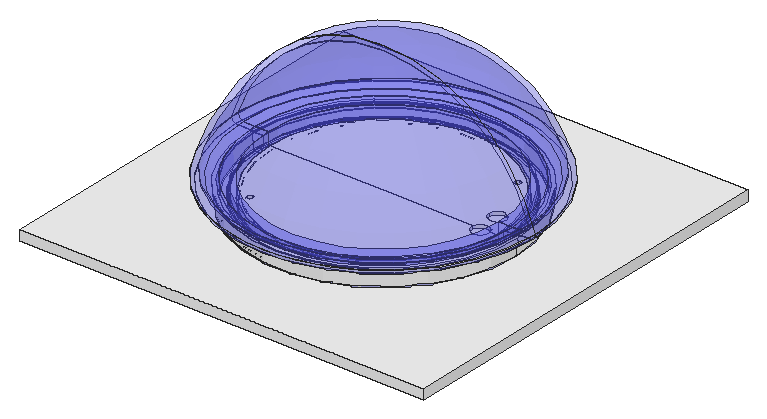
Revit family "BE_50659_de_DE", category Leuchten, Revit 2020
Family settings
  Basisbauteil = Fläche
  Bemaßung runder Anschluss = Durchmesser verwenden
  Teiletyp = Normal
  Beim Laden mit Abzugskörper schneiden = Ja
  Lichtquelle = Ja
  Gemeinsam genutzt = Nein
  Raumberechnungspunkt = Ja
Parameters (values of type "BEGA_50659_K3")
  built-in parameter 1150104 = 14.599 (stored number, unit not read)
  Wattage = 16.8 W
  Default Elevation = 0 mm
  built-in parameter 1150113 = 1 (stored number, unit not read)
  built-in parameter 1114218 = 1 (stored number, unit not read)
  Umgebungstemperatur = "25 °C"
  URL = "https://www.bega.com/de/produkt/50659"
  Typenkommentare = "© 2022 BEGA. Wir behalten uns das Recht vor, technische Änderungen ohne vorherige Ankündigung vorzunehmen."  # constant formula
  built-in parameter 1150134 = (empty or 0)
  built-in parameter 1150109 = 1 (stored number, unit not read)
  Strom = ""
  built-in parameter 1150110 = 1 (stored number, unit not read)
  Spannung = 239.996 V
  Sonderanfertigung = no
  Seriennummer [instance] = "Hier können Sie die eindeutige Seriennummer für das Facility Management eintragen."
  Schutzklasse = "I"
  Schutzart = "IP 44"
  Scheinlast = 0 VA
  Produktdatenblatt = "https://cdn.bega.com/bega/products/50659K27/current/documents/data-sheets/de"
  Oberflächentemperatur = ""
  Neigungswinkel = 0.00°
  Modell = "50659K3"
  Material_34 = BEGA_Oberfläche_Samtweiss_matt
  Material_11 = BEGA_Glas_opal
  M_W = no
  M_G = no
  M_A = no
  Logo = 0
  built-in parameter 1114217 = 1 (stored number, unit not read)
  built-in parameter 1150139 = (empty or 0)
  built-in parameter 1150105 = 2640 (stored number, unit not read)
  built-in parameter 1150114 = 1 (stored number, unit not read)
  Lumens = 2639.95 lm
  built-in parameter 1150115 = 1 (stored number, unit not read)
  Leuchtenlichtstrom = "1896 lm"
  Leuchtenanzahl = ""
  Lebensdauerkriterien = "L70B50 @ 25 °C = 200000 h"
  Lastklassifizierung = Beleuchtung
  built-in parameter 1150112 = 1 (stored number, unit not read)
  Lampenlichtstrom = "2640 lm"
  Lampe = "LED 16.8 W"
  LED_Modulbezeichnung = "4x LED-0280/930"
  Hersteller = "BEGA"  # constant formula
  Halbstreuwinkel = ""
  Gewicht = "2.1 kg"
  Gebrauchslageneinschränkung [instance] = ""
  Frequenz = "0/50-60 Hz"
  Farbwiedergabeindex = "CRI > 90"
  Farbtemperaturverschiebung bei Dämpfen der Lampe = <Keine Auswahl>
  Farbtemperatur = "3000 K"
  Color Filter = 16777215
  built-in parameter 1150133 = 10 (stored number, unit not read)
  Energieeffizienzklasse = "LED A++ - A"
  built-in parameter 1150137 = (empty or 0)
  built-in parameter 1150132 = (empty or 0)
  ENEC = "ja"
  Dimmbar [instance] = "DALI"
  Datei für fotometrisches Netz = "BE_50659K3.ies"
  CE_Konformität = "ja"
  Bestellnummer = "50659K3"
  Beschreibung_Sonderanfertigung = "Hier können Sie Informationen zur Sonderanfertigung eintragen."
  Beschreibung = "Decken- und Wandleuchte"
  built-in parameter 1150106 = 26.4 (stored number, unit not read)
  Befestigungsbohrung = "Ø 6 mm"
  Befestigungsabstand = "208 mm"
  Ballwurfsicher = ""
  BEGA_Intern_aus = yes
  BEGA_Intern_an = yes
  BEGA_Intern_Konstruktion = yes
  BEGA_Intern = yes
  BEGA_IES = yes
  BEGA_Dummy = no
  Anschlussleitung = ""
  Anschlussleistung [instance] = "19.1 W"
  Anschlusskasten = ""
  built-in parameter 1150107 = 3000 (stored number, unit not read)
  built-in parameter 1150102 = (empty or 0)
  built-in parameter 1150138 = (empty or 0)
  Aktualisierung = "2022-11-02T04:00:05"
  Abstand_zur_angestrahlten_Fläche [instance] = ""
  AC/DC = "AC/DC"
Types (3, lengths in mm): name | built-in parameter 1150104 | Wattage | Modell | built-in parameter 1150105 | Lumens | Leuchtenlichtstrom | Lampenlichtstrom | LED_Modulbezeichnung | Farbtemperatur | Datei für fotometrisches Netz | Bestellnummer | built-in parameter 1150106 | built-in parameter 1150107
  BEGA_50659_K27 | 14.378 (stored number, unit not read) | 16.8 W | "50659K27" | 206.9 (stored number, unit not read) | 2599.97 lm | "1868 lm" | "2600 lm" | "4x LED-0280/927" | "2700 K" | "BE_50659K27.ies" | "50659K27" | 2.069 (stored number, unit not read) | 2700 (stored number, unit not read)
  BEGA_50659_K3 | 14.599 (stored number, unit not read) | 16.8 W | "50659K3" | 2640 (stored number, unit not read) | 2639.95 lm | "1896 lm" | "2640 lm" | "4x LED-0280/930" | "3000 K" | "BE_50659K3.ies" | "50659K3" | 26.4 (stored number, unit not read) | 3000 (stored number, unit not read)
  BEGA_50659_K4 | 13.8 (stored number, unit not read) | 9.2903 W | "50659K4" | 109.82 (stored number, unit not read) | 1380 lm | "2011 lm" | "2800 lm" | "4x LED-0280/940" | "4000 K" | "BE_50659K4.IES" | "50659K4" | 1.0982 (stored number, unit not read) | 3000 (stored number, unit not read)
Reference planes
  plane 1 "Mitte (Vorne/Hinten)": y = 0
  plane 2: z = 0
  plane 3 "Mitte (Links/Rechts)": x = 0
  plane 4 "Links": x = -150
  plane 5 "Rechts": x = 150
  plane 6 "Unten": y = -150
  plane 7 "Oben": y = 150
  plane 8 "Vorne": z = 145.866
  plane 9 "Hinten": z = 0
Forms (mm)
  Extrusion 1, solid, material "BEGA_Platte_Weiss"
    sketch origin (0, -1119.2, 0) x (1, 0, 0) y (0, 1, 0)
      loop
        line (-200, 1319.2) -> (-200, 919.2) -> (200, 919.2) -> (200, 1319.2) -> (-200, 1319.2)
    from 0 to -10
  Extrusion 2, solid, material "BEGA_Dummy_matt", visible <- "BEGA_Dummy"
    sketch origin (77.149, -76.023, 0) x (1, 0, 0) y (0, 1, 0)
      loop
        circle (-77.149, 76.023) r 150
    from 0 to 25.379
Dimensions and locks
  plane 1 "Mitte (Vorne/Hinten)" to Extrusion 1 = 200 mm
  aligned and locked: Extrusion 1 to plane 2
  aligned and locked: Extrusion 1 to level
Nested families
  nested 1: "BE_50659_Leuchte" at (0, 0, 0), type "BE_50659_Leuchte"
Connectors
  electrical at (0, 0, 0), driven by "Lastklassifizierung", driven by "Spannung", driven by "Scheinlast"
    settings: index 1, voltage 239.996 V, apparent load 0 VA, apparent load phase1 0 VA, apparent load phase2 0 VA, apparent load phase3 0 VA, power factor 1, load classification "Beleuchtung", number of poles 1, system type 31, power factor state 1, is connector primary yes, connector utility no, sub classification motor no, connector description ""
Definition of nested family "BE_50659_Leuchte"
  Parameters (values of type "BE_50659_Leuchte")
    Default Elevation = 1 mm
    URL = "http://www.bega.de/de/produkt"
    Type Comments = "© 2015 BEGA. Wir behalten uns das Recht vor, technische Änderungen ohne vorherige Ankündigung vorzunehmen. "  # constant formula
    Type Image = (empty or 0)
    Material_34 = none
    Material_11 = none
    Länge_Platte = 200 mm  # constant formula
    Höhe_Platte = -10 mm  # constant formula
    Manufacturer = "BEGA"  # constant formula
    Breite_Platte = 200 mm  # constant formula
  Reference planes
    plane 1 "Mitte (Oben/Unten)": y = 0
    plane 2: z = 0
    plane 3 "Mitte (Links/Rechts)": x = 0
    plane 4: z = 145.866
    plane 5: z = 0
    plane 6: x = 150
    plane 7: x = -150
    plane 8: y = 150
    plane 9: y = -150
  Forms (mm)
    Extrusion 1, solid, detail levels medium
      sketch origin (0, 0, 0) x (1, 0, 0) y (0, 1, 0)
        loop
          line (-100, 100) -> (-100, -100) -> (100, -100) -> (100, 100) -> (-100, 100)
      from 0 to -10 <- "Höhe_Platte"
    Revolve 2, solid, material <- "Material_34"
      sketch origin (0, 0, 0) x (1, 0, 0) y (0, 0, 1)
        loop
          line (130.059, 23.5) -> (129.534, 8.465)
          arc (129.534, 8.465) -> (129.229, 7.781) -> (128.534, 7.5) r 1
          line (128.534, 7.5) -> (114.466, 7.5)
          arc (114.466, 7.5) -> (113.771, 7.781) -> (113.466, 8.465) r 1
          line (113.466, 8.465) -> (113.184, 16.536)
          arc (113.184, 16.536) -> (112.879, 17.22) -> (112.185, 17.5) r 1
          line (112.185, 17.5) -> (0, 17.5) -> (0, 15) -> (110.179, 15)
          arc (110.179, 15) -> (110.873, 14.72) -> (111.178, 14.036) r 1
          line (111.178, 14.036) -> (111.46, 5.965)
          arc (111.46, 5.965) -> (111.765, 5.281) -> (112.46, 5) r 1
          line (112.46, 5) -> (130.541, 5)
          arc (130.541, 5) -> (131.235, 5.281) -> (131.54, 5.965) r 1
          line (131.54, 5.965) -> (132.1, 22) -> (133, 22) -> (133, 23.5) -> (130.059, 23.5)
        axis (0, 5) -> (0, 23.5)
      angle from 0 to 360
    Extrusion 3, solid, material <- "Material_34"
      sketch origin (0, 0, 0) x (1, 0, 0) y (0, 1, 0)
        loop
          circle (0, 120) r 2.704
        loop
          circle (120, 0) r 2.704
        loop
          circle (0, -120) r 2.704
        loop
          circle (-120, 0) r 2.704
      from 0 to 5
    Extrusion 4, void
      sketch origin (0, 0, 0) x (1, 0, 0) y (0, 1, 0)
        loop
          circle (95, 22) r 8.5
        loop
          circle (97.5, -2.5) r 8.5
      from 15.07 to 17.546
    Extrusion 5, void
      sketch origin (0, 0, 0) x (1, 0, 0) y (0, 1, 0)
        loop
          circle (73.539, 73.539) r 2.9
        loop
          circle (-73.539, -73.539) r 2.9
      from 15.07 to 17.546
    Revolve 6, solid, material <- "Material_11"
      sketch origin (0, 0, 0) x (1, 0, 0) y (0, 0, 1)
        loop
          line (0, 145.839) -> (0, 140.841)
          arc (0, 140.841) -> (88.502, 111.949) -> (142.912, 36.405) r 150
          arc (142.912, 36.405) -> (142.245, 32.057) -> (138.402, 29.919) r 5
          line (138.402, 29.919) -> (127.369, 29.341) -> (114, 29.341) -> (114, 10.341) -> (121.5, 10.341) -> (121.5, 13.903)
          arc (121.5, 13.903) -> (121.293, 14.512) -> (120.759, 14.869) r 1
          line (120.759, 14.869) -> (119.741, 15.142)
          arc (119.741, 15.142) -> (119.207, 15.499) -> (119, 16.108) r 1
          line (119, 16.108) -> (119, 23.5) -> (127.5, 23.5) -> (127.5, 24.341) -> (146.225, 25.324)
          arc (146.225, 25.324) -> (149.247, 26.961) -> (149.883, 30.338) r 4
          arc (149.883, 30.338) -> (94.612, 113.614) -> (0, 145.839) r 155
        axis (0, 10.341) -> (0, 145.839)
      angle from 0 to 360
  Cuts and joins
    Extrusion 4, Extrusion 5 cuts Revolve 2
    Extrusion 4, Extrusion 5 cuts Extrusion 3
    joined: Revolve 2, Extrusion 3
  Dimensions and locks
    equal spacing: Extrusion 1 sketch curve, plane 3 "Mitte (Links/Rechts)", Extrusion 1 sketch curve
    equal spacing: Extrusion 1 sketch curve, plane 1 "Mitte (Oben/Unten)", Extrusion 1 sketch curve
    "Länge_Platte": Extrusion 1 sketch curve to Extrusion 1 sketch curve
    "Breite_Platte": Extrusion 1 sketch curve to Extrusion 1 sketch curve
    plane 1 "Mitte (Oben/Unten)" to Extrusion 1 = 100 mm  (x3)
    aligned and locked: plane 2 to Extrusion 1
    aligned and locked: level to Extrusion 1
  Automatic sketch dimensions
    Revolve 2 sketch curve to Revolve 2 sketch curve = 1.5 mm  (x2)
    Revolve 2 sketch curve to Revolve 2 sketch curve = 0.9 mm
    level to Revolve 2 sketch curve = 5.965 mm  (x2)
    Revolve 2 sketch curve to Revolve 2 sketch curve = 0.56 mm
    level to Revolve 2 sketch curve = 8.465 mm  (x2)
    Revolve 2 sketch curve to Revolve 2 sketch curve = 0.999 mm  (x7)
    Revolve 2 sketch curve to Revolve 2 sketch curve = 0.035 mm  (x3)
    Revolve 2 sketch curve to Revolve 2 sketch curve = 0 mm  (x10)
    level to Revolve 2 sketch curve = 6 mm
    Revolve 2 sketch curve to Revolve 2 sketch curve = 16.075 mm  (x2)
    Revolve 2 sketch curve to Revolve 2 sketch curve = 2.006 mm  (x2)
    level to Revolve 2 sketch curve = 14.036 mm
    Revolve 2 sketch curve to Revolve 2 sketch curve = 3.287 mm
    level to Revolve 2 sketch curve = 5 mm
    Revolve 2 sketch curve to Revolve 2 sketch curve = 1.007 mm
    level to Revolve 2 sketch curve = 16.536 mm
    Revolve 2 sketch curve to Revolve 2 sketch curve = 0.036 mm  (x2)
    Revolve 2 sketch curve to plane 3 "Mitte (Links/Rechts)" = 0 mm  (x2)
    Revolve 2 sketch curve to Revolve 2 sketch curve = 110.179 mm
    level to Revolve 2 sketch curve = 17.5 mm
    Revolve 2 sketch curve to Revolve 2 sketch curve = 0.525 mm
    Revolve 2 sketch curve to Revolve 2 sketch curve = 13.535 mm
    Revolve 2 sketch curve to level = 609.6 mm
    Revolve 2 sketch curve to Revolve 2 sketch curve = 2585.558 mm
    Revolve 6 sketch curve to plane 3 "Mitte (Links/Rechts)" = 0 mm  (x2)
    plane 3 "Mitte (Links/Rechts)" to Revolve 6 sketch curve = 0.001 mm
    level to Revolve 6 sketch curve = 10.341 mm
    plane 3 "Mitte (Links/Rechts)" to Revolve 6 sketch curve = 114 mm
    Revolve 6 sketch curve to Revolve 6 sketch curve = 1 mm  (x2)
    Revolve 6 sketch curve to Revolve 6 sketch curve = 0.5 mm
    Revolve 6 sketch curve to Revolve 6 sketch curve = 8.369 mm
    Revolve 6 sketch curve to Revolve 6 sketch curve = 10.771 mm
    Revolve 6 sketch curve to Revolve 6 sketch curve = 7.875 mm
    Revolve 6 sketch curve to level = 9.159 mm
    Revolve 6 sketch curve to Revolve 6 sketch curve = 0.002 mm
    Revolve 6 sketch curve to Revolve 6 sketch curve = 3.563 mm
    Revolve 6 sketch curve to Revolve 6 sketch curve = 2.205 mm
    Revolve 6 sketch curve to Revolve 6 sketch curve = 7.392 mm
    Revolve 6 sketch curve to Revolve 6 sketch curve = 5.818 mm
    Revolve 6 sketch curve to Revolve 6 sketch curve = 5.594 mm
    level to Revolve 6 sketch curve = 140.841 mm
    Revolve 6 sketch curve to Revolve 6 sketch curve = 0 mm  (x8)
    level to Revolve 6 sketch curve = 15.142 mm
    Revolve 6 sketch curve to Revolve 6 sketch curve = 0.259 mm  (x2)
    level to Revolve 6 sketch curve = 14.869 mm
    Revolve 6 sketch curve to Revolve 6 sketch curve = 0.131 mm
    Revolve 6 sketch curve to Revolve 6 sketch curve = 0.262 mm
    level to Revolve 6 sketch curve = 29.919 mm
    Revolve 6 sketch curve to Revolve 6 sketch curve = 4.772 mm
    Revolve 6 sketch curve to Revolve 6 sketch curve = 0.209 mm
    level to Revolve 6 sketch curve = 25.322 mm
    Revolve 6 sketch curve to Revolve 6 sketch curve = 3.868 mm
    Revolve 6 sketch curve to Revolve 6 sketch curve = 0.841 mm
    Revolve 6 sketch curve to Revolve 6 sketch curve = 5 mm
    Revolve 6 sketch curve to Revolve 6 sketch curve = 5.841 mm
